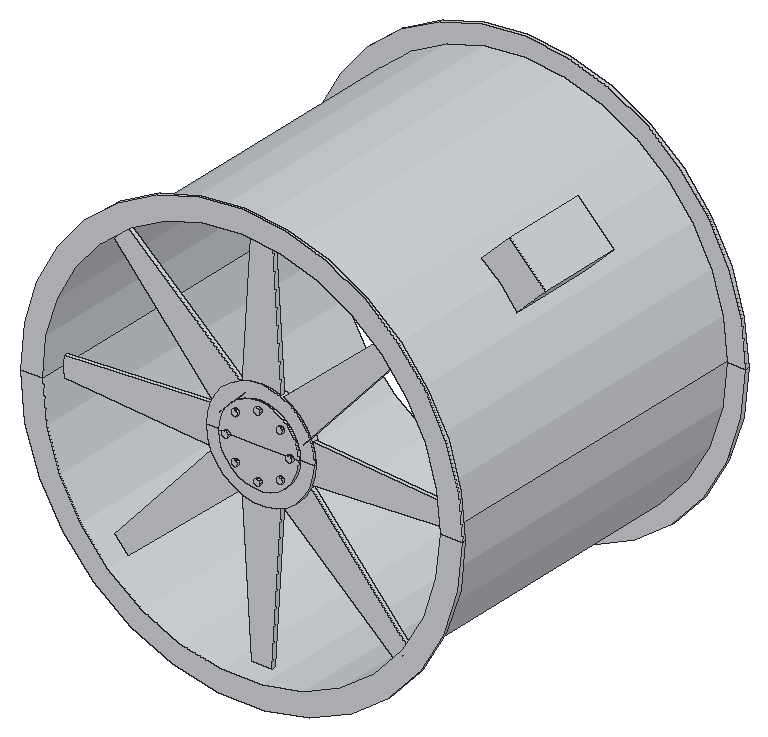
Revit family "CADS_Vent-Axia_MechEquip_Fan_LCA_630_3Ph2P - EXTRACT", category Mechanical Equipment, Revit 2020
Family settings
  Round Connector Dimension = Use Diameter
  Part Type = Normal
  OmniClass Number = 23.75.00.00
  OmniClass Title = Climate Control (HVAC)
  Work Plane-Based = No
  Always vertical = Yes
  Cut with Voids When Loaded = No
  Shared = No
  Room Calculation Point = No
Parameters (values of type "LCA633210")
  nr = NominalDiameter / 2  # 315 mm
  WorkingPressure = 0.0 Pa
  WarrantyStartDate [instance] = "1900-12-31T23:59:59"
  WarrantyPeriod = ""
  WarrantyIdentifier = "N/A"
  WarrantyGuarantorParts = "tech@vent-axia.com"
  WarrantyGuarantorLabor = "tech@vent-axia.com"
  WarrantyGuarantor = "Vent-Axia Limited"
  WarrantyEndDate [instance] = "1900-12-31T23:59:59"
  WarrantyContent = ""
  TemperatureRange = ""
  TagNumber [instance] = "N/A"
  SustainabilityPerformance = ""
  Status = "New"
  Size = ""
  Shape = ""
  ServiceLifeType = ""
  ServiceLifeDuration = ""
  SerialNumber [instance] = "N/A"
  ReplacementCost = ""
  RatedVoltage = 0 V
  RatedCurrent = 0 A
  Quantity = 1
  ProductionYear = ""
  PressureCurve = ""
  PowerFactor = ""
  PointOfContact = ""
  NumberOfPoles = 0
  NominalWidth = 630 mm
  NominalLength = 565 mm
  NominalHeight = 630 mm
  NominalFrequencyRange = ""
  NominalDiameter = 630 mm
  ModelReference = "LCAX 630mm 3PH 2P 10DEG"
  ModelNumber = "LCA633210"
  Material = ""
  ManufacturerE-Mail = "tech@vent-axia.com"
  ManufacturerAddress = "Fleming Way\nCrawley \nRH10 9YX"
  IsExtendedWarranty = no
  InsulationStandardClass = ""
  InstallationDate [instance] = "1900-12-31T23:59:59"
  IfcExportType [instance] = ""
  IfcExportAs = "IfcFanType"
  IP_Code = ""
  HasProtectiveEarth = no
  GrossWeight = 0.00 kg
  Grade = ""
  GlobalTradeItemNumber [instance] = "N/A"
  Fitting Type = "Ignore"
  Finish = ""
  Features = ""
  ExteriorInsulation = no
  ExpectedServiceLife = 0
  Exclusions = ""
  DurationUnit = "Year"
  Default Elevation = 0 mm
  Constituents = ""
  ConductorFunction = ""
  Color = ""
  CodePerformance = ""
  Category = ""
  CADS_Usage = 0
  CADS_Index = 0
  AssetType = "FIXED"
  AssetIdentifier [instance] = "N/A"
  AssemblyPlace = "UNKNOWN"
  ArticleNumber [instance] = "N/A"
  AirflowRateRange = 0.0 L/s
  Air Flow [instance] = 0.0 L/s
  AccessibilityPerformance = ""
Types (10, lengths in mm): name | ModelReference | ModelNumber
  LCA633210 | "LCAX 630mm 3PH 2P 10DEG" | "LCA633210"
  LCA633212 | "LCAX 630mm 3PH 2P 12DEG" | "LCA633212"
  LCA633214 | "LCAX 630mm 3PH 2P 14DEG" | "LCA633214"
  LCA633216 | "LCAX 630mm 3PH 2P 16DEG" | "LCA633216"
  LCA633218 | "LCAX 630mm 3PH 2P 18DEG" | "LCA633218"
  LCA633220 | "LCAX 630mm 3PH 2P 20DEG" | "LCA633220"
  LCA633222 | "LCAX 630mm 3PH 2P 22DEG" | "LCA633222"
  LCA633224 | "LCAX 630mm 3PH 2P 24DEG" | "LCA633224"
  LCA633226 | "LCAX 630mm 3PH 2P 26DEG" | "LCA633226"
  LCA633228 | "LCAX 630mm 3PH 2P 28DEG" | "LCA633228"
Reference planes
  plane 1 "Center (Front/Back)": y = 0
  plane 2: z = 0
  plane 3 "Center (Left/Right)": x = 0
  plane 4: x = -315
  plane 5: x = 315
  plane 6 "F": y = -282.5
  plane 7 "B": y = 282.5
  plane 8: x = -350
  plane 9: y = 277.5
  plane 10: y = -277.5
  plane 11: x = -320
  plane 12: y = -242.5
  plane 13 "top": z = 315
  plane 14: z = -315
  plane 15 "45deg": through (0, -1524, 0) normal (-0.7071, 0, -0.7071)
  plane 16 "C": through (0, -1524, 0) normal (-0.7071, 0, 0.7071)
Forms (mm)
  Revolve 1, solid
    sketch origin (0, 0, 0) x (1, 0, 0) y (0, 1, 0)
      loop
        line (-350, -282.5) -> (-315, -282.5) -> (-315, 282.5) -> (-350, 282.5) -> (-350, 277.5) -> (-320, 277.5) -> (-320, -277.5) -> (-350, -277.5) -> (-350, -282.5)
      axis (0, 282.5) -> (0, -282.5)
    angle from 0 to 360
  Sweep 2, solid
    path origin (0, 0, 0) x (1, 0, 0) y (0, 0, 1)
      loop
        line (222.739, 222.739) -> (268.701, 268.701)
    profile origin (245.72, 0, 245.72) x (-0.707107, 0, 0.707107) y (0, -1, 0)
      loop
        line (37.5, 55) -> (-42.73, 55) -> (-42.73, -79.5) -> (37.5, -79.5) -> (37.5, 55)
Dimensions and locks
  equal spacing: plane 4, plane 3 "Center (Left/Right)", plane 5
  equal spacing: plane 7 "B", plane 1 "Center (Front/Back)", plane 6 "F"
  "NominalLength": plane 7 "B" to plane 6 "F"
  "NominalDiameter": plane 4 to plane 5
  locked: plane 11 to plane 4 at 5
  locked: plane 8 to plane 11 at 30
  locked: plane 6 "F" to plane 10 at 5
  locked: plane 7 "B" to plane 9 at 5
  locked: plane 6 "F" to plane 12 at 40
  equal spacing: plane 13 "top", level, plane 14
  "NominalDiameter": plane 13 "top" to plane 14
  "nr": Sweep 2 sketch curve to nested 13
  Sweep 2 sketch curve to Sweep 2 sketch curve = 65 mm
  aligned and locked: level to plane 2
  aligned and locked: nested 1 to plane 12
Automatic sketch dimensions
  plane 6 "F" to Revolve 1 sketch curve = 0 mm
  Revolve 1 sketch curve to plane 8 = 0 mm  (x2)
  plane 10 to Revolve 1 sketch curve = 0 mm
  Revolve 1 sketch curve to plane 11 = 0 mm
  Revolve 1 sketch curve to plane 4 = 0 mm
  Revolve 1 sketch curve to plane 3 "Center (Left/Right)" = 0 mm
  plane 1 "Center (Front/Back)" to Revolve 1 sketch curve = 0 mm
  Revolve 1 sketch curve to plane 9 = 0 mm
  Revolve 1 sketch curve to plane 7 "B" = 0 mm
  plane 6 "F" to Revolve 1 sketch curve = 115 mm
  plane 1 "Center (Front/Back)" to Sweep 2 sketch curve = 55 mm
  Sweep 2 sketch curve to profile plane = 37.5 mm
  Sweep 2 sketch curve to Sweep 2 sketch curve = 80.23 mm
  Sweep 2 sketch curve to Sweep 2 sketch curve = 134.5 mm
  Sweep 2 sketch curve to plane 16 "C" = 0 mm  (x2)
Nested families
  nested 1: "Fan for ESC" at (0, -242.5, 0), ND <- "NominalDiameter", type "Fan for ESC"
    with hub 63 mm, ND 630 mm, BoltPCD 50.4 mm, Bolt Count 8, B_Diam 10 mm
  nested 2: "Bolts" at (0, -251.672, -50.4) x (-1, 0, 0) z (0, 1, 0), type "Bolts"
    with bd 10 mm
  nested 3: "Bolts" at (-35.638, -251.672, -35.638) x (-0.7071, 0, 0.7071) z (0, 1, 0), type "Bolts"
    with bd 10 mm
  nested 4: "Bolts" at (-50.4, -251.672, 0) x (0, 0, 1) z (0, 1, 0), type "Bolts"
    with bd 10 mm
  nested 5: "Bolts" at (-35.638, -251.672, 35.638) x (0.7071, 0, 0.7071) z (0, 1, 0), type "Bolts"
    with bd 10 mm
  nested 6: "Bolts" at (35.638, -251.672, 35.638) x (0.7071, 0, -0.7071) z (0, 1, 0), type "Bolts"
    with bd 10 mm
  nested 7: "Bolts" at (0, -251.672, 50.4) x (1, 0, 0) z (0, 1, 0), type "Bolts"
    with bd 10 mm
  nested 8: "ESC Blade" at (0, -242.5, 0), type "ESC Blade"
    with a 20.00°, HR 63 mm, HD 126 mm, BT 31.5 mm, BR 252 mm, BH 40 mm, BD 630 mm, BB 63 mm
  nested 9: "ESC Blade" at (0, -242.5, 0) x (0.7071, 0, -0.7071) z (0.7071, 0, 0.7071), type "ESC Blade"
    with a 20.00°, HR 63 mm, HD 126 mm, BT 31.5 mm, BR 252 mm, BH 40 mm, BD 630 mm, BB 63 mm
  nested 10: "ESC Blade" at (0, -242.5, 0) x (0, 0, -1) z (1, 0, 0), type "ESC Blade"
    with a 20.00°, HR 63 mm, HD 126 mm, BT 31.5 mm, BR 252 mm, BH 40 mm, BD 630 mm, BB 63 mm
  nested 11: "ESC Blade" at (0, -242.5, 0) x (-0.7071, 0, -0.7071) z (0.7071, 0, -0.7071), type "ESC Blade"
    with a 20.00°, HR 63 mm, HD 126 mm, BT 31.5 mm, BR 252 mm, BH 40 mm, BD 630 mm, BB 63 mm
  nested 12: "ESC Blade" at (0, -242.5, 0) x (-1, 0, 0) z (0, 0, -1), type "ESC Blade"
    with a 20.00°, HR 63 mm, HD 126 mm, BT 31.5 mm, BR 252 mm, BH 40 mm, BD 630 mm, BB 63 mm
  nested 13: "ESC Blade" at (0, -242.5, 0) x (-0.7071, 0, -0.7071) z (-0.7071, 0, 0.7071), type "ESC Blade"
    with a 20.00°, HR 63 mm, HD 126 mm, BT 31.5 mm, BR 252 mm, BH 40 mm, BD 630 mm, BB 63 mm
  nested 14: "ESC Blade" at (0, -242.5, 0) x (0, 0, -1) z (-1, 0, 0), type "ESC Blade"
    with a 20.00°, HR 63 mm, HD 126 mm, BT 31.5 mm, BR 252 mm, BH 40 mm, BD 630 mm, BB 63 mm
  nested 15: "ESC Blade" at (0, -242.5, 0) x (0.7071, 0, -0.7071) z (-0.7071, 0, -0.7071), type "ESC Blade"
    with a 20.00°, HR 63 mm, HD 126 mm, BT 31.5 mm, BR 252 mm, BH 40 mm, BD 630 mm, BB 63 mm
  nested 16: "Bolts" at (50.4, -251.672, 0) x (0, 0, -1) z (0, 1, 0), type "Bolts"
    with bd 10 mm
  nested 17: "Bolts" at (35.638, -251.672, -35.638) x (-0.7071, 0, -0.7071) z (0, 1, 0), type "Bolts"
    with bd 10 mm
Connectors
  hvac at (0, -282.5, 0), driven by "NominalDiameter", driven by "Air Flow"
    settings: on Revolve 1, index 1, duct flow 0.0 L/s, flow factor 0, pres drop 0.0 Pa, loss coef 0, conn angle 0.00°, conn width 304.8 mm, conn height 304.8 mm, conn diameter 630 mm, duct sys type 2, conn prof type 0, flow config 0, flow direction 1, loss method 0, conn ref index -1, conn util no, is conn primary yes, conn desc ""
  hvac at (0, 282.5, 0), driven by "NominalDiameter", driven by "Air Flow"
    settings: on Revolve 1, index 2, duct flow 0.0 L/s, flow factor 0, pres drop 0.0 Pa, loss coef 0, conn angle 0.00°, conn width 304.8 mm, conn height 304.8 mm, conn diameter 630 mm, duct sys type 3, conn prof type 0, flow config 1, flow direction 2, loss method 0, conn ref index -1, conn util no, is conn primary no, conn desc ""
Definition of nested family "Fan for ESC"
  Parameters (values of type "Fan for ESC")
    hub [instance] = ND / 10  # 56.7 mm
    ND [instance] = 567 mm
    Model = "."
    Default Elevation = 0 mm
    BoltPCD [instance] = hub - (hub * 0.2)  # 45.36 mm
    Bolt Count [instance] = if(hub < 50 mm, 6, 8)  # 8
    B_Diam [instance] = if(hub < 50 mm, 5 mm, 10 mm)  # 10 mm
  Reference planes
    plane 1 "Center (Front/Back)": y = 0
    plane 2: z = 0
    plane 3 "Center (Left/Right)": x = 0
    plane 4 "back": y = 20
    plane 5 "bolts": y = -9.172
    plane 6 "B": z = 56.7
    plane 7: x = -79.287
    plane 8: x = -56.7
    plane 9 "hubface": y = -6.172
  Forms (mm)
    Revolve 1, solid
      sketch origin (0, 0, 0) x (1, 0, 0) y (0, 1, 0)
        loop
          line (0, 20) -> (-56.7, 20) -> (-56.7, 10.504) -> (-79.287, 10.504) -> (-79.287, -2.597) -> (-56.7, -2.597) -> (-56.7, -6.172) -> (0, -6.172) -> (0, 20)
        axis (0, 20) -> (0, -6.172)
      angle from 0 to 360
    Extrusion 2, solid, not visible
      sketch origin (0, -6.347, -4) x (-1, 0, 0) y (0, 0, 1)
        loop
          circle (0, 84) r 5
      from 0 to 3
  Lines and regions (mm)
    symbolic lines
      curve 1: circle (0, -9.172, 0) r 45.36 normal (0, 1, 0)
    model lines, not visible
      curve 2: line (0, -6.347, 85) -> (0, -6.347, 75)
  Dimensions and locks
    "hub": plane 6 "B" to plane 2
    "hub": nested 3 to plane 3 "Center (Left/Right)"
    "hub": nested 4 to plane 3 "Center (Left/Right)"
    "hub": nested 5 to plane 3 "Center (Left/Right)"
    "hub": plane 3 "Center (Left/Right)" to nested 6
    "hub": Revolve 1 sketch curve to Revolve 1 sketch curve
    "hub": plane 3 "Center (Left/Right)" to nested 7
    "hub": plane 3 "Center (Left/Right)" to nested 8
    "hub": plane 3 "Center (Left/Right)" to nested 9
    "hub": plane 8 to plane 3 "Center (Left/Right)"
    plane 7 to plane 8 = 22.587 mm
    diameter of Extrusion 2 sketch curve = 10 mm
    "BoltPCD": radius of curve 1
    "BoltPCD": radius of radial array
    aligned and locked: level to plane 2
    aligned and locked: plane 6 "B" to nested 1
  Automatic sketch dimensions
    Revolve 1 sketch curve to plane 7 = 0 mm
    Revolve 1 sketch curve to plane 8 = 0 mm  (x2)
    Revolve 1 sketch curve to plane 3 "Center (Left/Right)" = 0 mm
    Revolve 1 sketch curve to plane 9 "hubface" = 0 mm
    plane 4 "back" to Revolve 1 sketch curve = 0 mm
    plane 1 "Center (Front/Back)" to Revolve 1 sketch curve = 2.597 mm
    plane 4 "back" to Revolve 1 sketch curve = 9.496 mm
    Revolve 1 sketch curve to Revolve 1 sketch curve = 5 mm
    Revolve 1 sketch curve to plane 4 "back" = 45 mm
    curve 1 to level = 0 mm
    curve 1 to plane 3 "Center (Left/Right)" = 0 mm
  Nested families
    nested 1: "ESC Blade" at (0, 0, 0), BD <- "ND", HD <- "hub", type "ESC Blade"
      with a 20.00°, HR 56.7 mm, HD 113.4 mm, BT 28.35 mm, BR 226.8 mm, BH 40 mm, BD 567 mm, BB 56.7 mm
    nested 2: "ESC Blade" at (0, 0, 755), BD <- "ND", HD <- "hub", type "ESC Blade", not visible
      with a 20.00°, HR 56.7 mm, HD 113.4 mm, BT 28.35 mm, BR 226.8 mm, BH 40 mm, BD 567 mm, BB 56.7 mm
    nested 3: "ESC Blade" at (0, 0, 0) x (0.7071, 0, -0.7071) z (0.7071, 0, 0.7071), BD <- "ND", HD <- "hub", type "ESC Blade"
      with a 20.00°, HR 56.7 mm, HD 113.4 mm, BT 28.35 mm, BR 226.8 mm, BH 40 mm, BD 567 mm, BB 56.7 mm
    nested 4: "ESC Blade" at (0, 0, 0) x (0, 0, -1) z (1, 0, 0), BD <- "ND", HD <- "hub", type "ESC Blade"
      with a 20.00°, HR 56.7 mm, HD 113.4 mm, BT 28.35 mm, BR 226.8 mm, BH 40 mm, BD 567 mm, BB 56.7 mm
    nested 5: "ESC Blade" at (0, 0, 0) x (-0.7071, 0, -0.7071) z (0.7071, 0, -0.7071), BD <- "ND", HD <- "hub", type "ESC Blade"
      with a 20.00°, HR 56.7 mm, HD 113.4 mm, BT 28.35 mm, BR 226.8 mm, BH 40 mm, BD 567 mm, BB 56.7 mm
    nested 6: "ESC Blade" at (0, 0, 0) x (-1, 0, 0) z (0, 0, -1), BD <- "ND", HD <- "hub", type "ESC Blade"
      with a 20.00°, HR 56.7 mm, HD 113.4 mm, BT 28.35 mm, BR 226.8 mm, BH 40 mm, BD 567 mm, BB 56.7 mm
    nested 7: "ESC Blade" at (0, 0, 0) x (-0.7071, 0, -0.7071) z (-0.7071, 0, 0.7071), BD <- "ND", HD <- "hub", type "ESC Blade"
      with a 20.00°, HR 56.7 mm, HD 113.4 mm, BT 28.35 mm, BR 226.8 mm, BH 40 mm, BD 567 mm, BB 56.7 mm
    nested 8: "ESC Blade" at (0, 0, 0) x (0, 0, -1) z (-1, 0, 0), BD <- "ND", HD <- "hub", type "ESC Blade"
      with a 20.00°, HR 56.7 mm, HD 113.4 mm, BT 28.35 mm, BR 226.8 mm, BH 40 mm, BD 567 mm, BB 56.7 mm
    nested 9: "ESC Blade" at (0, 0, 0) x (0.7071, 0, -0.7071) z (-0.7071, 0, -0.7071), BD <- "ND", HD <- "hub", type "ESC Blade"
      with a 20.00°, HR 56.7 mm, HD 113.4 mm, BT 28.35 mm, BR 226.8 mm, BH 40 mm, BD 567 mm, BB 56.7 mm
    nested 10: "Bolts" at (0, -9.172, 45.36) x (1, 0, 0) z (0, 1, 0), bd <- "B_Diam", type "Bolts"
      with bd 10 mm
    nested 11: "Bolts" at (32.074, -9.172, 32.074) x (0.7071, 0, -0.7071) z (0, 1, 0), bd <- "B_Diam", type "Bolts"
      with bd 10 mm
    nested 12: "Bolts" at (-32.074, -9.172, 32.074) x (0.7071, 0, 0.7071) z (0, 1, 0), bd <- "B_Diam", type "Bolts"
      with bd 10 mm
    nested 13: "Bolts" at (-45.36, -9.172, 0) x (0, 0, 1) z (0, 1, 0), bd <- "B_Diam", type "Bolts"
      with bd 10 mm
    nested 14: "Bolts" at (-32.074, -9.172, -32.074) x (-0.7071, 0, 0.7071) z (0, 1, 0), bd <- "B_Diam", type "Bolts"
      with bd 10 mm
    nested 15: "Bolts" at (0, -9.172, -45.36) x (-1, 0, 0) z (0, 1, 0), bd <- "B_Diam", type "Bolts"
      with bd 10 mm
    nested 16: "Bolts" at (32.074, -9.172, -32.074) x (-0.7071, 0, -0.7071) z (0, 1, 0), bd <- "B_Diam", type "Bolts"
      with bd 10 mm
    nested 17: "Bolts" at (45.36, -9.172, 0) x (0, 0, -1) z (0, 1, 0), bd <- "B_Diam", type "Bolts"
      with bd 10 mm
  Definition of nested family "ESC Blade"
    Parameters (values of type "ESC Blade")
      a [instance] = 20.00°
      HR [instance] = HD / 2  # 30 mm
      HD [instance] = BD / 5  # 60 mm
      Default Elevation = 1219.2 mm
      BT [instance] = BD / 20  # 15 mm
      BR [instance] = (BD / 2) - HR  # 120 mm
      BH [instance] = 40 mm
      BD [instance] = 300 mm
      BB [instance] = BD / 10  # 30 mm
    Reference planes
      plane 1 "Center (Front/Back)": y = 0
      plane 2: z = 0
      plane 3 "Center (Left/Right)": x = 0
      plane 4 "Blade Bot": z = 30
      plane 5: x = -15
      plane 6: x = 15
      plane 7: x = -7.5
      plane 8: x = 7.5
    Forms (mm)
      Blend 1, solid
        base sketch origin (0, 0, 30) x (-1, 0, 0) y (0, -1, 0)
          loop
            line (15, 0) -> (-15, 0) -> (-15, -6) -> (15, -6) -> (15, 0)
        top sketch origin (0, 0, 30) x (-1, 0, 0) y (0, -1, 0)
          loop
            line (7.5, -6) -> (7.5, 0) -> (-7.5, 0) -> (-7.5, -6) -> (7.5, -6)
        from 0 to 120 <- "BR"
    Dimensions and locks
      "HR": plane 4 "Blade Bot" to level
      equal spacing: plane 8, plane 3 "Center (Left/Right)", plane 7
      "BT": plane 8 to plane 7
      equal spacing: plane 6, plane 3 "Center (Left/Right)", plane 5
      "BB": plane 6 to plane 5
      aligned and locked: level to plane 2
    Automatic sketch dimensions
      plane 1 "Center (Front/Back)" to Blend 1 sketch curve = 0 mm  (x2)
      Blend 1 sketch curve to plane 6 = 0 mm
      Blend 1 sketch curve to plane 5 = 0 mm
      Blend 1 sketch curve to plane 1 "Center (Front/Back)" = 6 mm  (x2)
      Blend 1 sketch curve to plane 8 = 0 mm
      Blend 1 sketch curve to plane 7 = 0 mm
  Definition of nested family "Bolts"
    Parameters
      bd [instance] = 10 mm
      Default Elevation = 1219.2 mm
    Reference planes
      plane 1 "Center (Front/Back)": y = 0
      plane 2: z = 0
      plane 3 "Center (Left/Right)": x = 0
    Forms (mm)
      Extrusion 1, solid
        sketch origin (0, 0, 0) x (1, 0, 0) y (0, 1, 0)
          loop
            line (-1219.2, 1219.2) -> (-1219.2, -1219.2) -> (1219.2, -1219.2) -> (1219.2, 1219.2) -> (-1219.2, 1219.2)
        from 0 to -304.8
      Extrusion 2, solid
        sketch origin (0, 0, 0) x (1, 0, 0) y (0, 1, 0)
          loop
            circle (0, 0) r 5
        from 0 to 3
    Dimensions and locks
      "bd": diameter of Extrusion 2 sketch curve
      aligned and locked: plane 2 to Extrusion 1
      aligned and locked: level to Extrusion 1
    Automatic sketch dimensions
      Extrusion 1 sketch curve to Extrusion 1 sketch curve = 2438.4 mm  (x2)
      plane 1 "Center (Front/Back)" to Extrusion 2 sketch curve = 0 mm
      Extrusion 2 sketch curve to plane 3 "Center (Left/Right)" = 0 mm
Definition of nested family "Bolts"
  Parameters
    bd [instance] = 10 mm
    Default Elevation = 1219.2 mm
  Reference planes
    plane 1 "Center (Front/Back)": y = 0
    plane 2: z = 0
    plane 3 "Center (Left/Right)": x = 0
  Forms (mm)
    Extrusion 1, solid
      sketch origin (0, 0, 0) x (1, 0, 0) y (0, 1, 0)
        loop
          line (-1219.2, 1219.2) -> (-1219.2, -1219.2) -> (1219.2, -1219.2) -> (1219.2, 1219.2) -> (-1219.2, 1219.2)
      from 0 to -304.8
    Extrusion 2, solid
      sketch origin (0, 0, 0) x (1, 0, 0) y (0, 1, 0)
        loop
          circle (0, 0) r 5
      from 0 to 3
  Dimensions and locks
    "bd": diameter of Extrusion 2 sketch curve
    aligned and locked: plane 2 to Extrusion 1
    aligned and locked: level to Extrusion 1
  Automatic sketch dimensions
    Extrusion 1 sketch curve to Extrusion 1 sketch curve = 2438.4 mm  (x2)
    plane 1 "Center (Front/Back)" to Extrusion 2 sketch curve = 0 mm
    Extrusion 2 sketch curve to plane 3 "Center (Left/Right)" = 0 mm
Definition of nested family "ESC Blade"
  Parameters (values of type "ESC Blade")
    a [instance] = 20.00°
    HR [instance] = HD / 2  # 30 mm
    HD [instance] = BD / 5  # 60 mm
    Default Elevation = 1219.2 mm
    BT [instance] = BD / 20  # 15 mm
    BR [instance] = (BD / 2) - HR  # 120 mm
    BH [instance] = 40 mm
    BD [instance] = 300 mm
    BB [instance] = BD / 10  # 30 mm
  Reference planes
    plane 1 "Center (Front/Back)": y = 0
    plane 2: z = 0
    plane 3 "Center (Left/Right)": x = 0
    plane 4 "Blade Bot": z = 30
    plane 5: x = -15
    plane 6: x = 15
    plane 7: x = -7.5
    plane 8: x = 7.5
  Forms (mm)
    Blend 1, solid
      base sketch origin (0, 0, 30) x (-1, 0, 0) y (0, -1, 0)
        loop
          line (15, 0) -> (-15, 0) -> (-15, -6) -> (15, -6) -> (15, 0)
      top sketch origin (0, 0, 30) x (-1, 0, 0) y (0, -1, 0)
        loop
          line (7.5, -6) -> (7.5, 0) -> (-7.5, 0) -> (-7.5, -6) -> (7.5, -6)
      from 0 to 120 <- "BR"
  Dimensions and locks
    "HR": plane 4 "Blade Bot" to level
    equal spacing: plane 8, plane 3 "Center (Left/Right)", plane 7
    "BT": plane 8 to plane 7
    equal spacing: plane 6, plane 3 "Center (Left/Right)", plane 5
    "BB": plane 6 to plane 5
    aligned and locked: level to plane 2
  Automatic sketch dimensions
    plane 1 "Center (Front/Back)" to Blend 1 sketch curve = 0 mm  (x2)
    Blend 1 sketch curve to plane 6 = 0 mm
    Blend 1 sketch curve to plane 5 = 0 mm
    Blend 1 sketch curve to plane 1 "Center (Front/Back)" = 6 mm  (x2)
    Blend 1 sketch curve to plane 8 = 0 mm
    Blend 1 sketch curve to plane 7 = 0 mm
